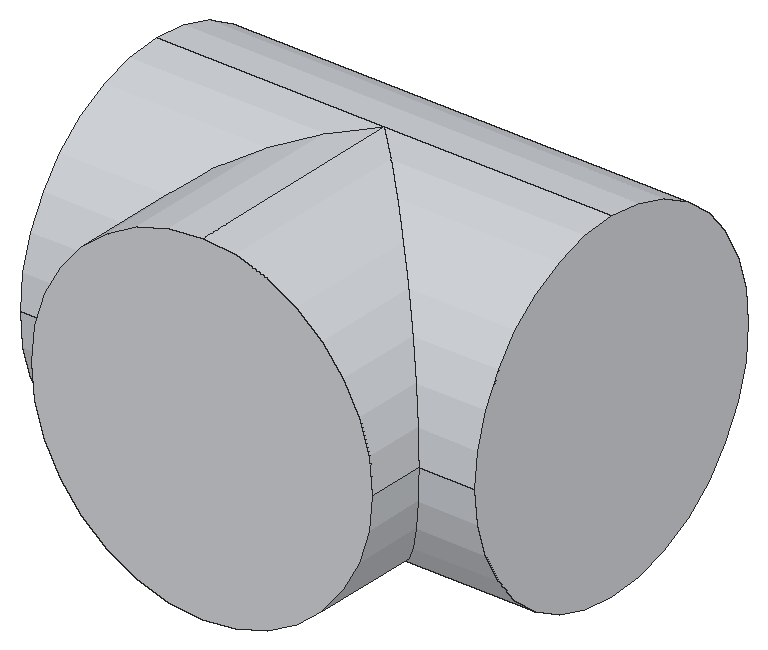
Revit family "M_Round Tee - Straight", category Duct Fittings, Revit 2014
Parameters (values of type "Standard")
  Duct Radius [instance] = 150 mm
  Duct Length [instance] = Duct Radius + Shoulder  # 200 mm
  Duct Diameter [instance] = 2 * Duct Radius  # 300 mm
  Shoulder [instance] = 50 mm
Reference planes
  plane 1 "Center (Front/Back)": y = 0
  plane 2: z = 0
  plane 3 "Center (Left/Right)": x = 0
  plane 4: x = -200
  plane 5: x = 200
  plane 6: y = -200
Forms (mm)
  Sweep 1, solid, detail levels medium+fine
    path in 3D
      loop
        line (-200, 0, 0) -> (200, 0, 0)
    profile "M_Duct - Round : Duct - Round" origin (0, 0, 0) x (0, 1, 0) y (0, 0, 1)
      loop
        arc (-150, 0) -> (-106.066, -106.066) -> (0, -150) r 150
        arc (0, -150) -> (106.066, -106.066) -> (150, 0) r 150
        arc (150, 0) -> (106.066, 106.066) -> (0, 150) r 150
        arc (0, 150) -> (-106.066, 106.066) -> (-150, 0) r 150
  Sweep 2, solid, detail levels medium+fine
    path in 3D
      loop
        line (0, -200, 0) -> (0, 0, 0)
    profile "M_Duct - Round : Duct - Round" origin (0, -100, 0) x (-1, 0, 0) y (0, 0, 1)
      loop
        arc (-150, 0) -> (-106.066, -106.066) -> (0, -150) r 150
        arc (0, -150) -> (106.066, -106.066) -> (150, 0) r 150
        arc (150, 0) -> (106.066, 106.066) -> (0, 150) r 150
        arc (0, 150) -> (-106.066, 106.066) -> (-150, 0) r 150
Cuts and joins
  joined: Sweep 1, Sweep 2
Lines and regions (mm)
  reference lines
    curve 1: line (-200, 0, 0) -> (200, 0, 0)
    curve 2: line (0, -200, 0) -> (0, 0, 0)
  sketch lines
    curve 3: line (-200, 0, 0) -> (200, 0, 0)
    curve 4: line (0, -200, 0) -> (0, 0, 0)
  model lines, style "DuctFitting", detail levels coarse
    curve 5: line (-200, 0, 0) -> (200, 0, 0)
    curve 6: line (0, -200, 0) -> (0, 0, 0)
Dimensions and locks
  "Duct Length": plane 6 to plane 1 "Center (Front/Back)"
  "Duct Length": plane 4 to plane 3 "Center (Left/Right)"
  "Duct Length": plane 3 "Center (Left/Right)" to plane 5
  aligned and locked: plane 4 to curve 1
  aligned and locked: plane 5 to curve 1
  aligned and locked: plane 1 "Center (Front/Back)" to curve 1
  aligned and locked: plane 1 "Center (Front/Back)" to curve 2
  aligned and locked: plane 6 to curve 2
  aligned and locked: curve 2 to plane 3 "Center (Left/Right)"
  aligned and locked: curve 6 to curve 2
  aligned and locked: plane 6 to curve 6
  aligned and locked: plane 1 "Center (Front/Back)" to curve 5
  aligned and locked: plane 4 to curve 5
  aligned and locked: plane 5 to curve 5
Connectors
  hvac at (-200, 0, 0), driven by "Duct Radius"
    settings: on cut or joined group of Sweep 1, Sweep 2, index 1, duct flow 0.0 L/s, flow factor 0, pres drop 0.0 Pa, loss coef 0, conn angle 0.00°, conn width 304.8 mm, conn height 304.8 mm, conn diameter 300 mm, duct sys type 28, conn prof type 0, flow config 0, flow direction 0, loss method 0, conn ref index 2, conn util no, is conn primary yes, conn desc ""
  hvac at (200, 0, 0), driven by "Duct Radius"
    settings: on cut or joined group of Sweep 1, Sweep 2, index 2, duct flow 0.0 L/s, flow factor 0, pres drop 0.0 Pa, loss coef 0, conn angle 0.00°, conn width 304.8 mm, conn height 304.8 mm, conn diameter 300 mm, duct sys type 28, conn prof type 0, flow config 0, flow direction 0, loss method 0, conn ref index 1, conn util no, is conn primary no, conn desc ""
  hvac at (0, -200, 0), driven by "Duct Radius"
    settings: on cut or joined group of Sweep 1, Sweep 2, index 3, duct flow 0.0 L/s, flow factor 0, pres drop 0.0 Pa, loss coef 0, conn angle 0.00°, conn width 304.8 mm, conn height 304.8 mm, conn diameter 300 mm, duct sys type 28, conn prof type 0, flow config 0, flow direction 0, loss method 0, conn ref index -1, conn util no, is conn primary no, conn desc ""
